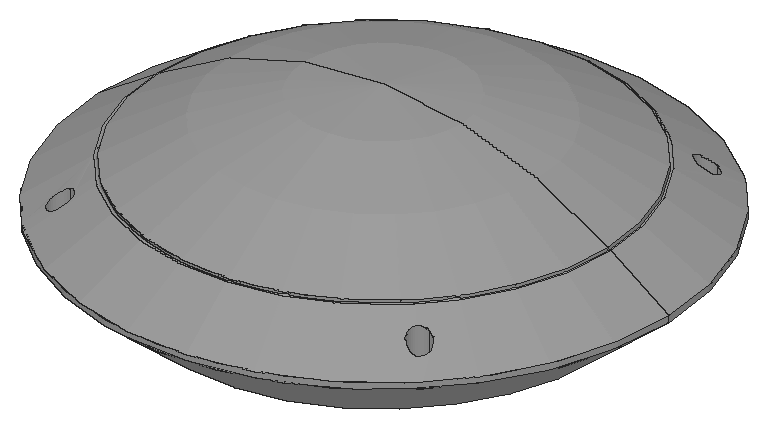
Revit family "0049290", category Lighting Fixtures, host Face, Revit 2017
Family settings
  Host = Face
  Round Connector Dimension = Use Diameter
  Part Type = Normal
  OmniClass Number = 23.80.70.00
  OmniClass Title = Lighting
  Cut with Voids When Loaded = No
  Light Source = Yes
  Shared = No
  Room Calculation Point = No
Parameters (values of type "0049290 START Surface IP66 1050lm 830 SD WHT")
  Weight = "4.68 kg"
  Wattage Comments = ""
  Wattage = 12 W
  WarrantyStartDate [instance] = "n/a"
  WarrantyGuarantorParts = "n/a"
  WarrantyDurationUnit = "n/a"
  WarrantyDurationParts = "n/a"
  WarrantyDescription = "n/a"
  built-in parameter 1150110 = 1 (stored number, unit not read)
  Voltage = 0 V
  URL = "http://www.sylvania-lighting.com"
  TypeName = "START Surface IP66 1050lm 830 IK10 SensorDim WHT"
  Type Image = <None>
  Type Comments = "n/a"
  built-in parameter 1114217 = 1 (stored number, unit not read)
  Tilt Angle = -90.00°
  built-in parameter 1150109 = 1 (stored number, unit not read)
  built-in parameter 1150134 = (empty or 0)
  built-in parameter 1150113 = 1 (stored number, unit not read)
  SerialNumber [instance] = "n/a"
  Photometric Web File = "0049290.ies"
  Material_3_SYL = LED-Sylvania-StartSurfaceIP66
  PowerFactor = 0
  PowerConsumption = "12 W"
  NominalLength = 300 mm
  NominalHeight = 90 mm
  NominalDepth = 300 mm
  Name = "START Surface IP66 1050lm 830 IK10 SensorDim WHT"
  ModelReference = Name  # "START Surface IP66 1050lm 830 IK10 SensorDim WHT"
  ModelNumber = "0049290"
  Model = Name  # "START Surface IP66 1050lm 830 IK10 SensorDim WHT"
  Material = "pc polycarbonate housing, pc polycarbonate diffuser"
  ManufacturerName = "Feilo Sylvania"
  Manufacturer = "Feilo Sylvania"
  LuminousEfficacy = "88 lm/W"
  built-in parameter 1150105 = 84.034 (stored number, unit not read)
  Lumens = 1056 lm
  LuminaireType = ""
  built-in parameter 1150115 = 1 (stored number, unit not read)
  LightOutputRatio = "n/a"
  built-in parameter 1150137 = (empty or 0)
  built-in parameter 1150139 = (empty or 0)
  LampsType = Lamp  # "LED"
  LampNominalLuminous = "1050 lm"
  LampMacAdamStep = "n/a"
  LampColourTemperature = "3000 K"
  LampColourRenderingIndex = "80"
  built-in parameter 1150112 = 1 (stored number, unit not read)
  built-in parameter 1150114 = 1 (stored number, unit not read)
  Lamp = "LED"
  Keynote = "16500"
  InstallationDate [instance] = "n/a"
  InputVoltage = "220-240 V AC"
  InputNominalFrequency = "50/60 Hz"
  built-in parameter 1150132 = (empty or 0)
  built-in parameter 1150102 = (empty or 0)
  built-in parameter 1150107 = 3000 (stored number, unit not read)
  built-in parameter 1150138 = (empty or 0)
  IngressProtection = "IP66"
  ImpactProtectionIndex = "IK10"
  built-in parameter 1150106 = 0.84034 (stored number, unit not read)
  IfcExportType = "IfcLightFixtureType"
  IfcExportAs = "IfcLightFixtureType"
  HoleRad_SYL = 134 mm
  HoleHoleRad_SYL = 6 mm
  HoleAngle_SYL = 45.00°
  Eyelid_SYL [instance] = no
  ExpectedLife = 50000
  Emit from Circle Diameter = 200 mm
  Emit Shape Visible in Rendering = no
  ElectricShockClassification = "Class II"
  built-in parameter 1150104 = 8.1755 (stored number, unit not read)
  DurationUnit = "hours"
  DocumentationLiterature = "http://www.sylvania-lighting.com/product/en-int/products/0049290"
  DimmingControlOptions = "n/a"
  Material_2_SYL = Diffuser-Sylvania-StartSurfaceIP66
  Dimming Lamp Color Temperature Shift = <None>
  Description = "Sensor Dim LED exterior surface mounted luminaire, 1050lm, 12W power consumption, 88lm/W efficacy, 3000K color temperature, CRI80, IP66, IK10, 50,000 hours (L70), white housing, vandal resistant"
  Default Elevation = 1219.2 mm
  CreatedOn = "7/17/2019"
  CreatedBy = "@sylvania-lighting.com"
  Cost = 0
  Color Filter = 16777215
  built-in parameter 1114216 [instance] = (empty or 0)
  ClassificationValue = "EF_70_80"
  ClassificationName = "Uniclass2015"
  Material_1_SYL = Body-Sylvania-StartSurfaceIP66-White
  BarCode [instance] = "n/a"
  built-in parameter 1114218 = 1 (stored number, unit not read)
  built-in parameter 1150133 = 10 (stored number, unit not read)
  AssetType = "Fixed"
  AssetIdentifier [instance] = "n/a"
  Assembly Code = "D5020200"
  Apparent Load = 12 VA
Reference planes
  plane 1 "Center (Front/Back)": y = 0
  plane 2: z = 0
  plane 3 "Center (Left/Right)": x = 0
  plane 4: x = 150
  plane 5: x = -150
  plane 6: z = 90
  plane 7: z = 30
  plane 8: z = 54
  plane 9: x = -113
  plane 10: x = 113
  plane 11: x = -118
  plane 12: z = 33
  plane 13: z = 51
  plane 14: z = 87
  plane 15: z = 92
  plane 16: x = -148
  plane 17: y = -13
Forms (mm)
  Revolve 1, solid, material "Diffuser-Sylvania-StartSurfaceIP66" <- "Material_2_SYL"
    sketch origin (0, 0, 0) x (1, 0, 0) y (0, 0, 1)
      loop
        arc (0, 90) -> (-61.685, 80.8) -> (-118, 54) r 211.389
        line (-118, 54) -> (-118, 51) -> (-117.081, 51)
        arc (-117.081, 51) -> (-61.245, 77.797) -> (0, 87) r 208.389
        line (0, 87) -> (0, 90)
      axis (0, 90) -> (0, 51)
    angle from 360 to 0
  Revolve 2, solid, material "Body-Sylvania-StartSurfaceIP66-White" <- "Material_1_SYL"
    sketch origin (0, 0, 0) x (1, 0, 0) y (0, 0, 1)
      loop
        line (0, 0) -> (0, 33) -> (-118, 33) -> (-118, 52.116)
        arc (-118, 52.116) -> (-118.529, 53.009) -> (-119.566, 52.973) r 1.017
        line (-119.566, 52.973) -> (-150, 33) -> (-150, 30) -> (-113, 0) -> (0, 0)
      axis (0, 52.973) -> (0, 0)
    angle from 360 to 0
  Extrusion 3, void
    sketch origin (-1534.635, -4572, 33) x (0, -1, 0) y (-1, 0, 0)
      loop
        circle (-4666.752, -1439.882) r 6
      loop
        circle (-4666.752, -1629.387) r 6
      loop
        circle (-4477.248, -1439.882) r 6
      loop
        circle (-4477.248, -1629.387) r 6
    from -18 to 0
  Revolve 4, solid, material "Body-Sylvania-StartSurfaceIP66-White" <- "Material_1_SYL", visible <- "Eyelid_SYL"
    sketch origin (0, 0, 0) x (1, 0, 0) y (0, 0, 1)
      loop
        line (0, 90) -> (0, 92)
        arc (0, 92) -> (-79.423, 77.068) -> (-148, 34.313) r 218.694
        line (-148, 34.313) -> (-118, 54)
        arc (-118, 54) -> (-61.685, 80.8) -> (0, 90) r 211.389
      axis (0, 92) -> (0, 34.313)
    angle from 360 to 0
  Extrusion 5, void
    sketch origin (-1534.635, -4572, 33) x (0, -1, 0) y (-1, 0, 0)
      loop
        line (-4367.393, -1384.635) -> (-4559, -1384.635)
        arc (-4559, -1384.635) -> (-4572, -1534.635) -> (-4559, -1684.635) r 871.885
        line (-4559, -1684.635) -> (-4367.393, -1684.635) -> (-4367.393, -1384.635)
    from -82.978 to 19.568
Cuts and joins
  Extrusion 3 cuts Revolve 2
  Extrusion 3, Extrusion 5 cuts Revolve 4
Lines and regions (mm)
  reference lines
    curve 1: line (-150, 0, 33) -> (-118, 0, 54)
    curve 2: circle (0, 0, 0) r 134 normal (0, 0, 1)
    curve 3: line (0, 0, 0) -> (-94.752, 94.752, 0)
    curve 4: line (0, 0, 0) -> (94.752, 94.752, 0)
    curve 5: line (0, 0, 0) -> (-94.752, -94.752, 0)
    curve 6: line (0, 0, 0) -> (94.752, -94.752, 0)
Dimensions and locks
  locked: plane 6 to plane 2 at 90
  plane 8 to plane 7 to plane 2 = 24 mm locked, 30 mm locked
  equal spacing: plane 4, plane 3 "Center (Left/Right)", plane 5
  locked: plane 4 to plane 5 at 300
  equal spacing: plane 10, plane 3 "Center (Left/Right)", plane 9
  locked: plane 9 to plane 5 at 37
  locked: plane 9 to plane 11 at 5
  locked: plane 12 to plane 7 at 3
  locked: plane 8 to plane 13 at 3
  locked: plane 6 to plane 14 at 3
  locked: plane 15 to plane 6 at 2
  locked: plane 16 to plane 5 at 2
  locked: plane 17 to plane 1 "Center (Front/Back)" at 13
  "HoleRad_SYL": radius of curve 2
  "HoleHoleRad_SYL": radius of Extrusion 3 sketch curve  (x4)
  "HoleAngle_SYL": angle curve 3 to plane 1 "Center (Front/Back)"
  "HoleAngle_SYL": angle plane 1 "Center (Front/Back)" to curve 4
  "HoleAngle_SYL": angle plane 1 "Center (Front/Back)" to curve 5
  "HoleAngle_SYL": angle curve 6 to plane 1 "Center (Front/Back)"
  aligned and locked: plane 2 to host face
  aligned and locked: level to host face
  aligned and locked: plane 5 to curve 1
  aligned and locked: plane 11 to curve 1
  aligned and locked: Revolve 1 sketch curve to plane 3 "Center (Left/Right)"
  aligned and locked: curve 1 to Revolve 1 sketch curve
  aligned and locked: plane 6 to Revolve 1 sketch curve
  aligned and locked: plane 3 "Center (Left/Right)" to Revolve 1 sketch curve  (x2)
  aligned and locked: plane 11 to Revolve 1 sketch curve  (x2)
  aligned and locked: plane 13 to Revolve 1 sketch curve  (x2)
  aligned and locked: plane 14 to Revolve 1 sketch curve
  aligned and locked: Revolve 2 sketch curve to plane 3 "Center (Left/Right)"  (x2)
  aligned and locked: level to Revolve 2 sketch curve
  aligned and locked: plane 5 to Revolve 2 sketch curve
  aligned and locked: Revolve 2 sketch curve to curve 1
  aligned and locked: plane 3 "Center (Left/Right)" to curve 3
  aligned and locked: plane 13 to Extrusion 3
  aligned and locked: Extrusion 3 to plane 12
  aligned and locked: Revolve 2 sketch curve to plane 12
  aligned and locked: Revolve 4 sketch curve to plane 3 "Center (Left/Right)"  (x2)
  aligned and locked: Revolve 1 to Revolve 4 sketch curve
  aligned and locked: Revolve 4 sketch curve to curve 1
  aligned and locked: plane 11 to Revolve 4 sketch curve
  aligned and locked: plane 16 to Revolve 4 sketch curve
  aligned and locked: plane 15 to Revolve 4 sketch curve
  aligned and locked: plane 4 to Extrusion 5
  aligned and locked: Extrusion 5 to plane 5
  aligned and locked: plane 3 "Center (Left/Right)" to imposter light
  aligned and locked: imposter light to plane 1 "Center (Front/Back)"
  aligned and locked: plane 8 to imposter light
Automatic sketch dimensions
  host sketch curve to host sketch curve = 600 mm  (x2)
  curve 1 to plane 8 = 0 mm
  curve 1 to plane 12 = 0 mm
  Revolve 1 sketch curve to Revolve 1 sketch curve = 0 mm
  Revolve 1 sketch curve to Revolve 1 sketch curve = 488.211 mm
  Revolve 1 sketch curve to Revolve 1 sketch curve = 2519.058 mm
  plane 1 "Center (Front/Back)" to curve 2 = 0 mm
  curve 2 to plane 3 "Center (Left/Right)" = 0 mm
  plane 1 "Center (Front/Back)" to curve 4 = 0 mm
  Extrusion 3 sketch curve to plane 10 = 18.248 mm  (x2)
  Extrusion 3 sketch curve to plane 1 "Center (Front/Back)" = 94.752 mm  (x2)
  plane 9 to Extrusion 3 sketch curve = 18.248 mm  (x2)
  plane 1 "Center (Front/Back)" to Extrusion 3 sketch curve = 94.752 mm  (x2)
  Revolve 2 sketch curve to plane 9 = 0 mm
  Revolve 2 sketch curve to plane 7 = 0 mm
  Revolve 2 sketch curve to plane 8 = 1.027 mm
  Revolve 2 sketch curve to Revolve 2 sketch curve = 0.549 mm
  Revolve 2 sketch curve to level = 609.6 mm
  plane 6 to Revolve 2 sketch curve = 2519.058 mm
  Revolve 2 sketch curve to plane 11 = 0 mm
  Revolve 4 sketch curve to plane 6 = 0 mm
  Revolve 4 sketch curve to Revolve 4 sketch curve = 482.906 mm
  Revolve 4 sketch curve to Revolve 4 sketch curve = 2517.058 mm
  Extrusion 5 sketch curve to plane 5 = 0 mm
  Extrusion 5 sketch curve to plane 4 = 0 mm
  plane 17 to Extrusion 5 sketch curve = 191.607 mm
  Extrusion 5 sketch curve to Extrusion 5 sketch curve = 667.277 mm
  plane 17 to Extrusion 5 sketch curve = 0 mm  (x2)
Connectors
  electrical at (0, 0, 0), driven by "Apparent Load", driven by "PowerFactor", driven by "Voltage"
    settings: index 1, voltage 0 V, apparent load 12 VA, apparent load phase1 0 VA, apparent load phase2 0 VA, apparent load phase3 0 VA, power factor 0, load classification "Lighting", number of poles 1, system type 30, power factor state 1, is connector primary yes, connector utility no, sub classification motor no, connector description ""
